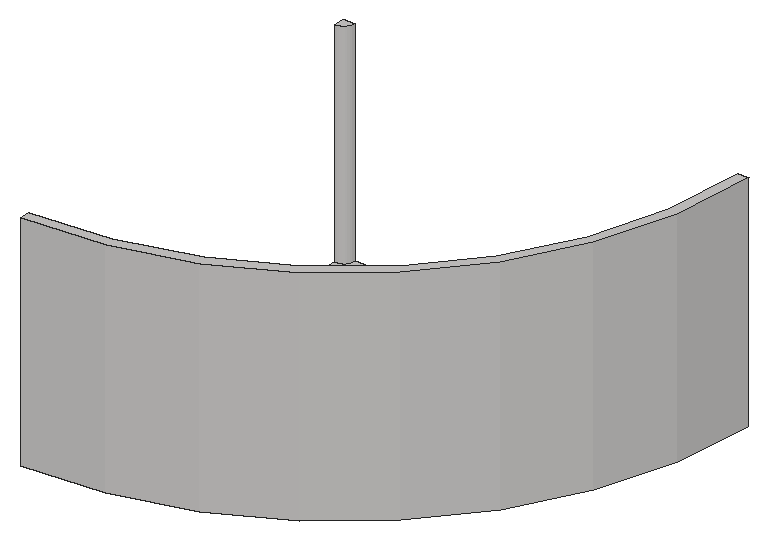
Revit family "S4R_OBO BETTERMANN_MeshTray_Bend_Horizontal_GRB FT", category Cable Tray Fittings, Revit 2012
Parameters
  Wholesaler art.no. = ""
  Wholesaler = ""
  Watermarked By = "www.stabiplan.com"
  WIDTH2 [instance] = WIDTH1  # 100 mm
  WIDTH1 [instance] = 100 mm
  VERSION = "91900"  # constant formula
  URL = "www.stabiplan.com"
  built-in parameter 1140111 [instance] = 2.5 mm
  TYPE [instance] = "GRB FT"  # constant formula
  StabiCAD_PM = ""
  Safe_Half_Width2 [instance] = if(not([built-in parameter 1140115] > Half_Width2), [built-in parameter 1140115] - 0.2 mm, Half_Width2)  # 49.8 mm
  Safe_Half_Width1 [instance] = if(not([built-in parameter 1140115] > Half_Width1), [built-in parameter 1140115] - 0.2 mm, Half_Width1)  # 49.8 mm
  Manufacturer = "OBO BETTERMANN"  # constant formula
  Lmin [instance] = [built-in parameter 1140115] * tan(ANGLE2 / 2)  # 50 mm
  PRODUCTLINE [instance] = "OBO BETTERMANN MeshTray"  # constant formula
  LENGTH2 [instance] = if(and(WIDTH1 = 100 mm, HEIGHT1 = 55 mm, ANGLE2 = 90.00°), 50 mm, if(and(WIDTH1 = 150 mm, HEIGHT1 = 55 mm, ANGLE2 = 90.00°), 75 mm, if(and(WIDTH1 = 200 mm, HEIGHT1 = 55 mm, ANGLE2 = 90.00°), 100 mm, if(and(WIDTH1 = 300 mm, HEIGHT1 = 55 mm, ANGLE2 = 90.00°), 150 mm, if(and(WIDTH1 = 400 mm, HEIGHT1 = 55 mm, ANGLE2 = 90.00°), 200 mm, if(and(WIDTH1 = 500 mm, HEIGHT1 = 55 mm, ANGLE2 = 90.00°), 250 mm, if(and(WIDTH1 = 600 mm, HEIGHT1 = 55 mm, ANGLE2 = 90.00°), 300 mm, if(and(WIDTH1 = 100 mm, HEIGHT1 = 105 mm, ANGLE2 = 90.00°), 78 mm, if(and(WIDTH1 = 150 mm, HEIGHT1 = 105 mm, ANGLE2 = 90.00°), 103 mm, if(and(WIDTH1 = 200 mm, HEIGHT1 = 105 mm, ANGLE2 = 90.00°), 128 mm, if(and(WIDTH1 = 300 mm, HEIGHT1 = 105 mm, ANGLE2 = 90.00°), 178 mm, if(and(WIDTH1 = 400 mm, HEIGHT1 = 105 mm, ANGLE2 = 90.00°), 228 mm, if(and(WIDTH1 = 500 mm, HEIGHT1 = 105 mm, ANGLE2 = 90.00°), 278 mm, if(and(WIDTH1 = 600 mm, HEIGHT1 = 105 mm, ANGLE2 = 90.00°), 328 mm, WIDTH1))))))))))))))  # 50 mm
  LENGTH1 [instance] = if(and(WIDTH1 = 100 mm, HEIGHT1 = 55 mm, ANGLE2 = 90.00°), 50 mm, if(and(WIDTH1 = 150 mm, HEIGHT1 = 55 mm, ANGLE2 = 90.00°), 75 mm, if(and(WIDTH1 = 200 mm, HEIGHT1 = 55 mm, ANGLE2 = 90.00°), 100 mm, if(and(WIDTH1 = 300 mm, HEIGHT1 = 55 mm, ANGLE2 = 90.00°), 150 mm, if(and(WIDTH1 = 400 mm, HEIGHT1 = 55 mm, ANGLE2 = 90.00°), 200 mm, if(and(WIDTH1 = 500 mm, HEIGHT1 = 55 mm, ANGLE2 = 90.00°), 250 mm, if(and(WIDTH1 = 600 mm, HEIGHT1 = 55 mm, ANGLE2 = 90.00°), 300 mm, if(and(WIDTH1 = 100 mm, HEIGHT1 = 105 mm, ANGLE2 = 90.00°), 78 mm, if(and(WIDTH1 = 150 mm, HEIGHT1 = 105 mm, ANGLE2 = 90.00°), 103 mm, if(and(WIDTH1 = 200 mm, HEIGHT1 = 105 mm, ANGLE2 = 90.00°), 128 mm, if(and(WIDTH1 = 300 mm, HEIGHT1 = 105 mm, ANGLE2 = 90.00°), 178 mm, if(and(WIDTH1 = 400 mm, HEIGHT1 = 105 mm, ANGLE2 = 90.00°), 228 mm, if(and(WIDTH1 = 500 mm, HEIGHT1 = 105 mm, ANGLE2 = 90.00°), 278 mm, if(and(WIDTH1 = 600 mm, HEIGHT1 = 105 mm, ANGLE2 = 90.00°), 328 mm, WIDTH1))))))))))))))  # 50 mm
  Internal art.no. = ""
  ISCUSTOM [instance] = if(and(WIDTH1 = 150 mm, HEIGHT1 = 55 mm, ANGLE2 = 90.00°), 1 = 0, if(and(WIDTH1 = 300 mm, HEIGHT1 = 55 mm, ANGLE2 = 90.00°), 1 = 0, if(and(WIDTH1 = 500 mm, HEIGHT1 = 55 mm, ANGLE2 = 90.00°), 1 = 0, if(and(WIDTH1 = 100 mm, HEIGHT1 = 55 mm, ANGLE2 = 90.00°), 1 = 0, if(and(WIDTH1 = 200 mm, HEIGHT1 = 55 mm, ANGLE2 = 90.00°), 1 = 0, if(and(WIDTH1 = 400 mm, HEIGHT1 = 55 mm, ANGLE2 = 90.00°), 1 = 0, if(and(WIDTH1 = 600 mm, HEIGHT1 = 55 mm, ANGLE2 = 90.00°), 1 = 0, if(and(WIDTH1 = 100 mm, HEIGHT1 = 105 mm, ANGLE2 = 90.00°), 1 = 0, if(and(WIDTH1 = 150 mm, HEIGHT1 = 105 mm, ANGLE2 = 90.00°), 1 = 0, if(and(WIDTH1 = 200 mm, HEIGHT1 = 105 mm, ANGLE2 = 90.00°), 1 = 0, if(and(WIDTH1 = 300 mm, HEIGHT1 = 105 mm, ANGLE2 = 90.00°), 1 = 0, if(and(WIDTH1 = 400 mm, HEIGHT1 = 105 mm, ANGLE2 = 90.00°), 1 = 0, if(and(WIDTH1 = 500 mm, HEIGHT1 = 105 mm, ANGLE2 = 90.00°), 1 = 0, if(and(WIDTH1 = 600 mm, HEIGHT1 = 105 mm, ANGLE2 = 90.00°), 1 = 0, 1 = 1))))))))))))))  # no
  IFCExportType = ""
  IFCExportAs = ""
  Half_Width2 [instance] = WIDTH2 / 2  # 50 mm
  Half_Width1 [instance] = WIDTH1 / 2  # 50 mm
  HEIGHT2 [instance] = HEIGHT1  # 55 mm
  HEIGHT1 [instance] = 55 mm
  GTINNUMBER [instance] = if(and(WIDTH1 = 150 mm, HEIGHT1 = 55 mm, ANGLE2 = 90.00°), "4012196027248", if(and(WIDTH1 = 300 mm, HEIGHT1 = 55 mm, ANGLE2 = 90.00°), "4012196001811", if(and(WIDTH1 = 500 mm, HEIGHT1 = 55 mm, ANGLE2 = 90.00°), "4012196001934", if(and(WIDTH1 = 100 mm, HEIGHT1 = 55 mm, ANGLE2 = 90.00°), "4012196001699", if(and(WIDTH1 = 200 mm, HEIGHT1 = 55 mm, ANGLE2 = 90.00°), "4012196001750", if(and(WIDTH1 = 400 mm, HEIGHT1 = 55 mm, ANGLE2 = 90.00°), "4012196001873", if(and(WIDTH1 = 600 mm, HEIGHT1 = 55 mm, ANGLE2 = 90.00°), "4012196001996", if(and(WIDTH1 = 100 mm, HEIGHT1 = 105 mm, ANGLE2 = 90.00°), "4012196002054", if(and(WIDTH1 = 150 mm, HEIGHT1 = 105 mm, ANGLE2 = 90.00°), "4012196027361", if(and(WIDTH1 = 200 mm, HEIGHT1 = 105 mm, ANGLE2 = 90.00°), "4012196002115", if(and(WIDTH1 = 300 mm, HEIGHT1 = 105 mm, ANGLE2 = 90.00°), "4012196002177", if(and(WIDTH1 = 400 mm, HEIGHT1 = 105 mm, ANGLE2 = 90.00°), "4012196002238", if(and(WIDTH1 = 500 mm, HEIGHT1 = 105 mm, ANGLE2 = 90.00°), "4012196002290", if(and(WIDTH1 = 600 mm, HEIGHT1 = 105 mm, ANGLE2 = 90.00°), "4012196002351", "Unknown"))))))))))))))  # "4012196001699"
  ETIM article class = ""
  Description = "Horizontal MeshTray Bend"
  DEEPLINK = "http://catalog1.obo-bettermann.com/catalogue/catalogue.do?forward=showProductGroup&act=showIO&favOid=kts_399323&action=showManyProducts&lang=de&OID=kts_399323&catId="
  Copyright = "© Stabiplan BV / Stabiplan International BV"  # constant formula
  CT2 [instance] = 1
  CT1 [instance] = 1
  BodyColor = Steel
  built-in parameter 1140115 [instance] = LENGTH1  # 50 mm
  ARTICLENUMBER [instance] = if(and(WIDTH1 = 150 mm, HEIGHT1 = 55 mm, ANGLE2 = 90.00°), "6002222", if(and(WIDTH1 = 300 mm, HEIGHT1 = 55 mm, ANGLE2 = 90.00°), "6002234", if(and(WIDTH1 = 500 mm, HEIGHT1 = 55 mm, ANGLE2 = 90.00°), "6002250", if(and(WIDTH1 = 100 mm, HEIGHT1 = 55 mm, ANGLE2 = 90.00°), "6002218", if(and(WIDTH1 = 200 mm, HEIGHT1 = 55 mm, ANGLE2 = 90.00°), "6002226", if(and(WIDTH1 = 400 mm, HEIGHT1 = 55 mm, ANGLE2 = 90.00°), "6002242", if(and(WIDTH1 = 600 mm, HEIGHT1 = 55 mm, ANGLE2 = 90.00°), "6002269", if(and(WIDTH1 = 100 mm, HEIGHT1 = 105 mm, ANGLE2 = 90.00°), "6002307", if(and(WIDTH1 = 150 mm, HEIGHT1 = 105 mm, ANGLE2 = 90.00°), "6002311", if(and(WIDTH1 = 200 mm, HEIGHT1 = 105 mm, ANGLE2 = 90.00°), "6002315", if(and(WIDTH1 = 300 mm, HEIGHT1 = 105 mm, ANGLE2 = 90.00°), "6002323", if(and(WIDTH1 = 400 mm, HEIGHT1 = 105 mm, ANGLE2 = 90.00°), "6002331", if(and(WIDTH1 = 500 mm, HEIGHT1 = 105 mm, ANGLE2 = 90.00°), "6002358", if(and(WIDTH1 = 600 mm, HEIGHT1 = 105 mm, ANGLE2 = 90.00°), "6002366", "Unknown"))))))))))))))  # "6002218"
  ARTICLEDESCRIPTION [instance] = "Horizontal MeshTray Bend"
  ANGLE2 [instance] = 90.00°
Reference planes
  plane 1 "Center (Front/Back)": y = 0
  plane 2: z = 0
  plane 3 "Center (Left/Right)": x = 0
  plane 4: y = 50
  plane 5: x = -50
Forms (mm)
  SweptBlend 1, solid, material "Steel" <- "BodyColor", detail levels medium
    path in 3D
      loop
        arc (-50, 0, 0) -> (-14.645, 14.645, 0) -> (0, 50, 0) r 50
    profile origin (-50, 0, 0) x (0, 1, 0) y (0, 0, 1)
      loop
        line (49.8, 27.5) -> (-50, 27.5) -> (-50, -27.5) -> (49.8, -27.5) -> (49.8, 27.5)
    end profile origin (0, 50, 0) x (-1, 0, 0) y (0, 0, 1)
      loop
        line (49.8, 27.5) -> (-50, 27.5) -> (-50, -27.5) -> (49.8, -27.5) -> (49.8, 27.5)
  SweptBlend 2, solid, material "Steel" <- "BodyColor", detail levels fine
    path in 3D
      loop
        arc (-50, 0, 0) -> (-14.645, 14.645, 0) -> (0, 50, 0) r 50
    profile origin (-50, 0, 0) x (0, 1, 0) y (0, 0, 1)
      loop
        line (49.8, 27.5) -> (47.3, 27.5) -> (47.3, -25) -> (-47.5, -25) -> (-47.5, 27.5) -> (-50, 27.5) -> (-50, -27.5) -> (49.8, -27.5) -> (49.8, 27.5)
    end profile origin (0, 50, 0) x (-1, 0, 0) y (0, 0, 1)
      loop
        line (49.8, 27.5) -> (47.3, 27.5) -> (47.3, -25) -> (-47.5, -25) -> (-47.5, 27.5) -> (-50, 27.5) -> (-50, -27.5) -> (49.8, -27.5) -> (49.8, 27.5)
  Sweep 3, solid, not visible
    path in 3D
      loop
        arc (-50, 0, 0) -> (-14.645, 14.645, 0) -> (0, 50, 0) r 50
    profile origin (-14.645, 14.645, 0) x (-0.707107, 0.707107, 0) y (0, 0, 1)
      loop
        circle (0, 0) r 5
Lines and regions (mm)
  reference lines
    curve 1: line (-50, 50, 0) -> (-50, 0, 0)
    curve 2: line (-50, 0, 0) -> (0, 0, 0)
    curve 3: line (0, 0, 0) -> (0, 50, 0)
    curve 4: line (0, 50, 0) -> (-50, 50, 0)
    curve 5: arc (-50, 0, 0) -> (-14.645, 14.645, 0) -> (0, 50, 0) r 50
  sketch lines
    curve 6: arc (-50, 0, 0) -> (-14.645, 14.645, 0) -> (0, 50, 0) r 50
    curve 7: arc (-50, 0, 0) -> (-14.645, 14.645, 0) -> (0, 50, 0) r 50
    curve 9: arc (-50, 0, 0) -> (-14.645, 14.645, 0) -> (0, 50, 0) r 50
  model lines, detail levels coarse
    curve 8: arc (-50, 0, 0) -> (-14.645, 14.645, 0) -> (0, 50, 0) r 50
Dimensions and locks
  "Lmin": plane 5 to plane 3 "Center (Left/Right)"
  "built-in parameter 1140115": plane 4 to plane 1 "Center (Front/Back)"
  "built-in parameter 1140115": curve 4 to curve 4
  "built-in parameter 1140115": plane 1 "Center (Front/Back)" to curve 1
  equal spacing: SweptBlend 1 sketch curve, profile plane, SweptBlend 1 sketch curve  (x2)
  "HEIGHT1": SweptBlend 1 sketch curve to SweptBlend 1 sketch curve
  "HEIGHT2": SweptBlend 1 sketch curve to SweptBlend 1 sketch curve
  "built-in parameter 1140111": SweptBlend 2 sketch curve to SweptBlend 2 sketch curve  (x6)
  equal spacing: SweptBlend 2 sketch curve, profile plane, SweptBlend 2 sketch curve  (x4)
  "HEIGHT1": SweptBlend 2 sketch curve to SweptBlend 2 sketch curve
  "HEIGHT2": SweptBlend 2 sketch curve to SweptBlend 2 sketch curve
  "Safe_Half_Width1": profile plane to SweptBlend 2 sketch curve
  "Half_Width1": SweptBlend 2 sketch curve to profile plane
  "Safe_Half_Width2": SweptBlend 2 sketch curve to profile plane
  "Half_Width2": profile plane to SweptBlend 2 sketch curve
  "Safe_Half_Width1": profile plane to SweptBlend 1 sketch curve
  "Half_Width1": SweptBlend 1 sketch curve to profile plane
  "Safe_Half_Width2": SweptBlend 1 sketch curve to profile plane
  "Half_Width2": profile plane to SweptBlend 1 sketch curve
  "built-in parameter 1140115": radius of curve 5
  "ANGLE2": angle plane 5 to curve 4
  "ANGLE2": angle curve 8 to curve 8
  aligned and locked: level to plane 2
  aligned and locked: plane 1 "Center (Front/Back)" to curve 2  (x2)
  aligned and locked: plane 3 "Center (Left/Right)" to curve 2
  aligned and locked: curve 1 to plane 5
  aligned and locked: curve 8 to curve 5
Automatic sketch dimensions
  Sweep 3 sketch curve to profile plane = 0 mm
  profile plane to Sweep 3 sketch curve = 0 mm
  radius of Sweep 3 sketch curve = 5 mm
Connectors
  cabletrayconduit at (0, 50, 0), driven by "HEIGHT1", driven by "WIDTH1", driven by "ANGLE2"
    settings: on Sweep 3, index 1, connector width 100 mm, connector height 55 mm, connector radius 300 mm, connector angle 90.00°, system type 32, placement type 0, profile type 1, connector reference index 2, is primary connector no, connector utility param no, connector description ""
  cabletrayconduit at (-50, 0, 0), driven by "HEIGHT1", driven by "WIDTH1"
    settings: on Sweep 3, index 2, connector width 100 mm, connector height 55 mm, connector radius 300 mm, connector angle 0.00°, system type 32, placement type 0, profile type 1, connector reference index 1, is primary connector yes, connector utility param no, connector description ""
